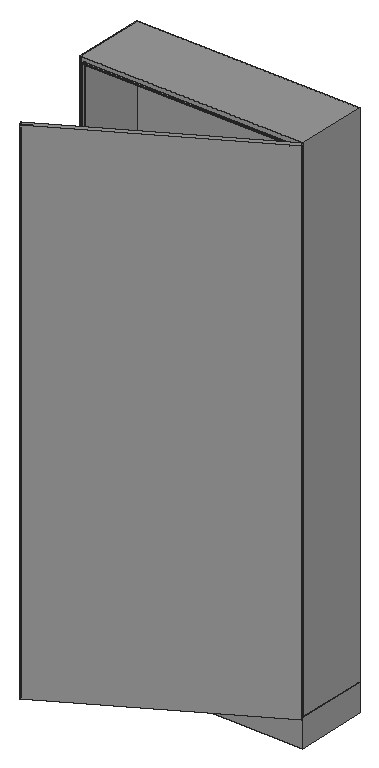
Revit family "Hager-Univers-IP55-D275-H1950-Cl.II-Steel_encl-NoHosted-BE-en", category Equipement électrique, Revit 2020
Family settings
  Configuration du panneau = Deux colonnes, circuits au sein
  Cote de connecteur circulaire = Utiliser le diamètre
  Type d'élément = Tableau de raccordement
  Basée sur le plan de construction = Oui
  Toujours verticalement = Oui
  Couper avec des vides une fois chargée = Non
  Partagée = Non
  Point de calcul de pièce = Non
Parameters (values of type "Floor installation IP55 W800 H1950 D275  - FR23S1")
  Width Control [instance] = if([EF000008 - Width] > Min Width, [EF000008 - Width], Min Width)  # 800 mm
  Commentaires du type = [HG000003 - Range]  # "Univers"
  Thickness Door [instance] = if([EF009171 - Material plate thickness door/cover] > 3 mm, 3 mm, [EF009171 - Material plate thickness door/cover])  # 1.5 mm
  Seal Frame Offset [instance] = 17 mm  # constant formula
  Plinth Visibility [instance] = [HG000027 - Plinth height] > 0 mm  # yes
  Min Width [instance] = 100 mm  # constant formula
  Min Depth [instance] = (2 * [EF009170 - Material plate thickness cabinet]) + 1 mm  # 4 mm
  Min Height [instance] = 100 mm  # constant formula
  Internal Frame Depth [instance] = (Door System Depth * 0.5)  # 9 mm
  Panel Name [instance] = ""  # (empty or 0)
  Model = ""
  HG000027 - Plinth height = 100 mm
  HG000026 - Floor standing = yes
  HG000024 - Bottom section height = 600 mm
  HG000023 - Double section enclosure = no
  HG000016 - Door 3d visibility [instance] = yes
  HG000015 - Clearance visibility [instance] = no
  HG000014 - Door on the right [instance] = yes
  HG000013 - Door on the left [instance] = not([HG000014 - Door on the right])  # no
  HG000012 - Door swing angle [instance] = 30.00°
  HG000010 - Asymmetric doors = no
  HG000009 - Double swing door = no
  HG000006 - Flush mounted = no
  HG000004 - Manufacturer reference = "FR23S1"
  HG000003 - Range = "Univers"
  HG000002 - With door or cover = yes
  Frame Offset Bottom [instance] = 10 mm  # constant formula
  Frame Offset [instance] = 15 mm  # constant formula
  EF015940 - Cover with overpressure release = no
  EF011959 - Degree of protection (NEMA) = ""
  EF009554 - Number of openings for flange plates = 6
  EF009212 - Cover model = "EV000116 - Closed"
  EF009171 - Material plate thickness door/cover = 1.5 mm
  EF009170 - Material plate thickness cabinet = 1.5 mm
  EF008873 - Nominal current (In) = 800 A
  EF007800 - Suitable for lightning protection = no
  EF006306 - With lock = no
  EF006244 - Transparent cover/door = no
  EF005474 - Degree of protection (IP) = "EV006420 - IP55"
  EF004464 - Type of door = "EV002646 - Single"
  EF004427 - Number of modules = 432
  EF004293 - Impact strength = "EV008784 - IK10"
  EF003532 - Suitable for outdoor use = no
  EF002950 - Width in number of modular spacings = 24
  EF001613 - Circuit integrity = "EV000494 - None"
  EF001596 - Material housing = "EV000179 - Steel"
  EF001131 - Internal depth = 275 mm
  EF001088 - Extension possible = yes
  EF000437 - Number of conduit inlets = 6
  EF000339 - Type of cover = "EV004216 - Door"
  EF000266 - Number of rows = 12
  EF000218 - Built-in depth = 0 mm
  EF000118 - With mounting plate = no
  EF000116 - RAL-number = "7035"
  EF000049 - Depth = 275 mm
  EF000040 - Height = 1950 mm
  EF000008 - Width = 800 mm
  EF000007 - Colour = "EV000270 - Grey"
  EF000003 - Mounting method = "EV012274 - Floor installation"
  Door System Leaf Tolerance [instance] = 1.5 mm  # constant formula
  Door System Depth [instance] = 18 mm  # constant formula
  Door Height [instance] = Height Control - [HG000027 - Plinth height]  # 1850 mm
  Description = ""
  Default Elevation = 1219.2 mm
  Connector Offset [instance] = Height Control / 2  # 975 mm
  Fabricant = "Hager"  # constant formula
  Height Control [instance] = if([EF000040 - Height] > Min Height, [EF000040 - Height], Min Height)  # 1950 mm
  Depth Control [instance] = if([EF000049 - Depth] > Min Depth, [EF000049 - Depth], Min Depth)  # 275 mm
  Bottom Top Plate Trim [instance] = 1.5 mm  # constant formula
  Plinth height Ctrl [instance] = if([HG000027 - Plinth height] > 0 mm, [HG000027 - Plinth height], 12 mm)  # 100 mm
Types (11, lengths in mm): name | Width Control | HG000010 - Asymmetric doors | HG000009 - Double swing door | HG000004 - Manufacturer reference | EF009554 - Number of openings for flange plates | EF006244 - Transparent cover/door | EF004464 - Type of door | EF004427 - Number of modules | EF000437 - Number of conduit inlets | EF000008 - Width
  Floor installation IP55 W1050 H1950 D275  - FR24L1 | 1050 | yes | yes | "FR24L1" | 8 | yes | "EV003602 - Double" | 576 | 8 | 1050
  Floor installation IP55 W1050 H1950 D275  - FR24S1 | 1050 | yes | yes | "FR24S1" | 8 | no | "EV003602 - Double" | 576 | 8 | 1050
  Floor installation IP55 W1300 H1950 D275  - FR25L1 | 1300 | yes | yes | "FR25L1" | 10 | yes | "EV003602 - Double" | 720 | 10 | 1300
  Floor installation IP55 W1300 H1950 D275  - FR25S1 | 1300 | yes | yes | "FR25S1" | 10 | no | "EV003602 - Double" | 720 | 10 | 1300
  Floor installation IP55 W1550 H1950 D275  - FR26L1 | 1550 | yes | yes | "FR26L1" | 12 | yes | "EV003602 - Double" | 864 | 12 | 1550
  Floor installation IP55 W1550 H1950 D275  - FR26S1 | 1550 | yes | yes | "FR26S1" | 12 | no | "EV003602 - Double" | 864 | 12 | 1550
  Floor installation IP55 W300 H1950 D275  - FR21S1 | 300 | no | no | "FR21S1" | 2 | no | "EV002646 - Single" | 144 | 2 | 300
  Floor installation IP55 W550 H1950 D275  - FR22L1 | 550 | no | no | "FR22L1" | 4 | yes | "EV002646 - Single" | 288 | 4 | 550
  Floor installation IP55 W550 H1950 D275  - FR22S1 | 550 | no | no | "FR22S1" | 4 | no | "EV002646 - Single" | 288 | 4 | 550
  Floor installation IP55 W800 H1950 D275  - FR23L1 | 800 | no | no | "FR23L1" | 6 | yes | "EV002646 - Single" | 432 | 6 | 800
  Floor installation IP55 W800 H1950 D275  - FR23S1 | 800 | no | no | "FR23S1" | 6 | no | "EV002646 - Single" | 432 | 6 | 800
Reference planes
  plane 1 "Center (Front/Back)": y = 0
  plane 2: z = 0
  plane 3 "Center (Left/Right)": x = 0
  plane 4: y = 0
  plane 5: y = 0
  plane 6: z = 0
  plane 7: x = -400
  plane 8: x = 400
  plane 9: x = 398.5
  plane 10: x = -398.5
  plane 11: z = 100
  plane 12: z = 101.5
  plane 13: y = -275
  plane 14: y = -1.5
  plane 15: x = 0
  plane 16: y = -257
  plane 17: y = -273.5
  plane 18: y = -255.5
  plane 19: x = -383.5
  plane 20: x = 383.5
  plane 21: z = 111.5
  plane 22: x = -383
  plane 23: x = 383
  plane 24: z = 100
  plane 25: z = 1950
  plane 26: z = 1950
  plane 27: z = 1933.5
  plane 28: z = 1948.5
Forms (mm)
  Extrusion 1, solid, material "Hager_Steel_RAL7035_Light_Grey", detail levels medium+fine
    sketch origin (-208.679, -4572, 100) x (-1, 0, 0) y (0, -1, 0)
      loop
        line (191.321, -4315) -> (-608.679, -4315) -> (-608.679, -4572) -> (191.321, -4572) -> (191.321, -4315)
    from 0 to 1850
  Extrusion 2, void
    sketch origin (-350.771, -275, 1219.2) x (1, 0, 0) y (0, 0, 1)
      loop
        line (-47.729, 729.3) -> (-47.729, -1117.7) -> (749.271, -1117.7) -> (749.271, 729.3) -> (-47.729, 729.3)
    from -19.5 to -273.5
  Extrusion 3, void
    sketch origin (-290.084, -257, 1219.2) x (1, 0, 0) y (0, 0, 1)
      loop
        line (-93.416, -1107.7) -> (673.584, -1107.7) -> (673.584, 714.3) -> (-93.416, 714.3) -> (-93.416, -1107.7)
    from 0 to -1.5
  Extrusion 4, solid, material "Hager_Steel_RAL7035_Light_Grey", visible <- "Plinth Visibility", detail levels medium+fine
    sketch origin (0, 0, 0) x (1, 0, 0) y (0, 1, 0)
      loop
        line (-400, 0) -> (-400, -257) -> (400, -257) -> (400, 0) -> (-400, 0)
    from 0 to 100 <- "Plinth height Ctrl"
  Extrusion 5, solid, material "Hager_Steel_RAL7035_Light_Grey", detail levels coarse
    sketch origin (0, 0, 0) x (1, 0, 0) y (0, 1, 0)
      loop
        line (-400, 0) -> (-400, -275) -> (400, -275) -> (400, 0) -> (-400, 0)
    from 0 to 1950 <- "Height Control"
  Sweep 6, void
    path in 3D
      loop
        line (-400, -257, 100) -> (400, -257, 100) -> (400, 0, 100) -> (-400, 0, 100) -> (-400, -257, 100)
    profile origin (-400, -128.5, 100) x (1, 0, 0) y (0, 0, 1)
      loop
        line (0, 0) -> (0, -1.5) -> (1.5, -1.5)
        arc (1.5, -1.5) -> (1.061, -0.439) -> (0, 0) r 1.5
  Extrusion 7, solid, material "Hager_Steel_RAL7035_Light_Grey", detail levels fine
    sketch origin (-400, -257, 100) x (1, 0, 0) y (0, 0, 1)
      loop
        line (16.5, 11.5) -> (783.5, 11.5) -> (783.5, 1833.5) -> (16.5, 1833.5) -> (16.5, 11.5)
      loop
        line (15, 10) -> (785, 10) -> (785, 1835) -> (15, 1835) -> (15, 10)
    from 0 to 9 <- "Internal Frame Depth"
Cuts and joins
  Extrusion 2, Extrusion 3 cuts Extrusion 1
  Sweep 6 cuts Extrusion 4
Lines and regions (mm)
  Masking region 1
    outline origin (0, 0, 0) x (1, 0, 0) y (0, 1, 0)
      loop
        line (-400, 0) -> (-400, -275) -> (400, -275) -> (400, 0) -> (-400, 0)
  Masking region 2, detail levels coarse
    outline origin (-290.084, -257, 1219.2) x (-1, 0, 0) y (0, 0, 1)
      loop
        line (-690.084, -1219.2) -> (109.916, -1219.2) -> (109.916, 730.8) -> (-690.084, 730.8) -> (-690.084, -1219.2)
  Masking region 3, detail levels coarse
    outline origin (0, 0, 0) x (0, 1, 0) y (0, 0, 1)
      loop
        line (0, 0) -> (0, 1950) -> (-275, 1950) -> (-275, 0) -> (0, 0)
  Masking region 4, visible <- "Plinth Visibility", detail levels medium+fine
    outline origin (0, 0, 0) x (0, 1, 0) y (0, 0, 1)
      loop
        line (-1.5, 100) -> (-255.5, 100)
        arc (-255.5, 100) -> (-255.939, 98.939) -> (-257, 98.5) r 1.5
        line (-257, 98.5) -> (-257, 0) -> (0, 0) -> (0, 98.5)
        arc (0, 98.5) -> (-1.061, 98.939) -> (-1.5, 100) r 1.5
  Masking region 5, detail levels medium+fine
    outline origin (0, 0, 594.038) x (0, 1, 0) y (0, 0, 1)
      loop
        line (0, -494.038) -> (0, 1355.962) -> (-257, 1355.962) -> (-257, -494.038) -> (0, -494.038)
  Masking region 6, detail levels medium+fine
    outline origin (-359.7, -257, 1211.883) x (-1, 0, 0) y (0, 0, 1)
      loop
        line (-759.7, -1111.883) -> (40.3, -1111.883) -> (40.3, 738.117) -> (-759.7, 738.117) -> (-759.7, -1111.883)
  Masking region 7, visible <- "Plinth Visibility", detail levels medium+fine
    outline origin (-320.334, -257, 1041.368) x (-1, 0, 0) y (0, 0, 1)
      loop
        line (-720.334, -1041.368) -> (79.666, -1041.368) -> (79.666, -942.868)
        arc (79.666, -942.868) -> (78.606, -942.429) -> (78.166, -941.368) r 1.5
        line (78.166, -941.368) -> (-718.834, -941.368)
        arc (-718.834, -941.368) -> (-719.273, -942.429) -> (-720.334, -942.868) r 1.5
        line (-720.334, -942.868) -> (-720.334, -1041.368)
  sketch lines
    curve 1: line (-400, 0, 100) -> (-400, -257, 100)
    curve 2: line (-400, -257, 100) -> (400, -257, 100)
    curve 3: line (400, 0, 100) -> (-400, 0, 100)
    curve 4: line (400, -257, 100) -> (400, 0, 100)
Dimensions and locks
  locked: plane 1 "Center (Front/Back)" to plane 5
  "EF009170 - Material plate thickness cabinet": plane 7 to plane 10
  "EF009170 - Material plate thickness cabinet": plane 8 to plane 9
  equal spacing: plane 7, plane 3 "Center (Left/Right)", plane 8
  "Width Control": plane 7 to plane 8
  "Depth Control": plane 4 to plane 13
  "EF009170 - Material plate thickness cabinet": plane 4 to plane 14
  "Height Control": plane 25 to level
  "HG000027 - Plinth height": plane 11 to level
  "EF009170 - Material plate thickness cabinet": plane 12 to plane 11
  "EF009170 - Material plate thickness cabinet": plane 17 to plane 13
  "EF009170 - Material plate thickness cabinet": plane 18 to plane 16
  "Frame Offset Bottom": plane 21 to plane 12
  "Frame Offset": plane 10 to plane 19
  "Frame Offset": plane 9 to plane 20
  "Door System Depth": plane 16 to plane 13
  "Seal Frame Offset": plane 7 to plane 22
  "Seal Frame Offset": plane 8 to plane 23
  "EF009170 - Material plate thickness cabinet": plane 26 to plane 28
  "Frame Offset": plane 28 to plane 27
  "Connector Offset": plane 2 to connector elem
  "Bottom Top Plate Trim": profile plane to Sweep 6 sketch curve
  "Bottom Top Plate Trim": Sweep 6 sketch curve to Sweep 6 sketch curve
  "Plinth height Ctrl": Masking region 4 sketch curve to level
  "Plinth height Ctrl": Masking region 7 sketch curve to level
  "Thickness Door": Extrusion 7 sketch curve to Extrusion 7 sketch curve  (x4)
  "Bottom Top Plate Trim": radius of Sweep 6 sketch curve
  "Bottom Top Plate Trim": radius of Masking region 4 sketch curve  (x2)
  "Bottom Top Plate Trim": radius of Masking region 7 sketch curve  (x2)
  aligned and locked: Extrusion 2 sketch curve to plane 12
  aligned and locked: Extrusion 2 sketch curve to plane 9
  aligned and locked: Extrusion 2 sketch curve to plane 10
  aligned and locked: Extrusion 2 to plane 14
  aligned and locked: Extrusion 1 sketch curve to plane 4
  aligned and locked: plane 8 to Extrusion 1 sketch curve
  aligned and locked: plane 7 to Extrusion 1 sketch curve
  aligned and locked: Extrusion 2 to plane 18
  aligned and locked: Extrusion 3 sketch curve to plane 19
  aligned and locked: plane 20 to Extrusion 3 sketch curve
  aligned and locked: Extrusion 3 to Extrusion 2
  aligned and locked: Extrusion 3 sketch curve to plane 21
  aligned and locked: plane 3 "Center (Left/Right)" to nested 1
  aligned and locked: Extrusion 1 sketch curve to plane 16
  aligned and locked: Extrusion 4 sketch curve to cut or joined group of Extrusion 1, Extrusion 2, Extrusion 3
  aligned and locked: Masking region 1 sketch curve to plane 7
  aligned and locked: Masking region 1 sketch curve to plane 5
  aligned and locked: Masking region 1 sketch curve to plane 8
  aligned and locked: Masking region 2 sketch curve to level
  aligned and locked: level to Masking region 3 sketch curve
  aligned and locked: plane 1 "Center (Front/Back)" to Masking region 3 sketch curve
  aligned and locked: plane 13 to Masking region 3 sketch curve
  aligned and locked: plane 5 to Masking region 4 sketch curve
  aligned and locked: Masking region 2 sketch curve to plane 8
  aligned and locked: Masking region 2 sketch curve to plane 7
  aligned and locked: plane 7 to nested 2
  aligned and locked: nested 2 to plane 5
  aligned and locked: plane 5 to Masking region 5 sketch curve
  aligned and locked: plane 26 to Masking region 5 sketch curve
  aligned and locked: Extrusion 5 sketch curve to plane 8
  aligned and locked: Extrusion 5 sketch curve to plane 7
  aligned and locked: Extrusion 5 sketch curve to plane 5
  aligned and locked: Extrusion 3 sketch curve to plane 27
  aligned and locked: Extrusion 2 sketch curve to plane 28
  aligned and locked: Masking region 2 to plane 25
  aligned and locked: Extrusion 4 to plane 16
  aligned and locked: profile plane to Sweep 6 sketch curve
  aligned and locked: Masking region 5 sketch curve to plane 24
  aligned and locked: level to Masking region 4 sketch curve
  aligned and locked: Masking region 1 to plane 13
  aligned and locked: nested 1 to plane 16
  aligned and locked: Masking region 3 to plane 25
  aligned and locked: plane 16 to Masking region 4 sketch curve
  aligned and locked: Masking region 5 sketch curve to plane 16
  aligned and locked: plane 24 to plane 11
  aligned and locked: plane 26 to plane 25
  aligned and locked: plane 26 to cut or joined group of Extrusion 1, Extrusion 2, Extrusion 3
  aligned and locked: nested 1 to plane 24
  aligned and locked: Extrusion 1 to Extrusion 3
  aligned and locked: Masking region 6 sketch curve to plane 8
  aligned and locked: Masking region 6 sketch curve to plane 24
  aligned and locked: Masking region 6 sketch curve to plane 7
  aligned and locked: Masking region 6 sketch curve to plane 26
  aligned and locked: Masking region 7 sketch curve to plane 7
  aligned and locked: level to Masking region 7 sketch curve
  aligned and locked: Masking region 7 sketch curve to plane 8
  aligned and locked: Extrusion 7 sketch curve to cut or joined group of Extrusion 1, Extrusion 2, Extrusion 3  (x4)
Automatic sketch dimensions
  plane 19 to Extrusion 3 sketch curve = 0 mm
  Extrusion 3 sketch curve to plane 20 = 0 mm
  Extrusion 3 sketch curve to plane 21 = 0 mm
  Extrusion 4 sketch curve to plane 7 = 0 mm
  Extrusion 4 sketch curve to plane 8 = 0 mm
  Extrusion 4 sketch curve to plane 16 = 0 mm
  Masking region 1 sketch curve to plane 13 = 0 mm
  Masking region 2 sketch curve to plane 25 = 0 mm
  Masking region 3 sketch curve to plane 25 = 0 mm
  Extrusion 5 sketch curve to plane 13 = 0 mm
  profile plane to Sweep 6 sketch curve = 0 mm
Nested families
  nested 1: "EC000058_Univers_Door" at (0, -257, 100), Double <- "HG000009 - Double swing door", Transparent <- "EF006244 - Transparent cover/door", Angle <- "HG000012 - Door swing angle", Door_Right <- "HG000014 - Door on the right", Assymetrical <- "HG000010 - Asymmetric doors", Door <- "HG000002 - With door or cover", Width_Ctrl <- "Width Control", 3d_Door <- "HG000016 - Door 3d visibility", Clearance <- "HG000015 - Clearance visibility", Door_Left <- "HG000013 - Door on the left", Width <- "Width Control", Door_Depth <- "Door System Depth", Leaf_Tolerance <- "Door System Leaf Tolerance", Height <- "Door Height", Lock_Visibility <- "EF006306 - With lock", Thickness <- "Thickness Door", type "EC000058_Univers_Door", detail levels medium+fine
    with min_wh 4 mm, Width_Ctrl 800 mm, Width 800 mm, Transparent no, Thickness 1.5 mm, Seal_Material Hager_Rubber, Lock_Visibility no, Lock_Material Hager_Plastic_RAL9005_Jet_Black, Leaf_Width 800 mm, Leaf_Tolerance_External_Sides 0 mm, Leaf_Tolerance 1.5 mm, Leaf_Offset 0 mm, Leaf_Height 1847 mm, Leaf_2_Width 800 mm, Leaf_2_Offset 400 mm, Leaf_1_Width 800 mm, Leaf_1_Offset 400 mm, Height_Ctrl 1850 mm, Height 1850 mm, Glass_Material Hager_Glass, Double_Clearance_Ctrl no, Double no, Door_Right_Ctrl yes, Door_Right yes, Door_Material Hager_Steel_RAL7035_Light_Grey, Door_Left_Ctrl no, Door_Left no, Door_Depth 18 mm, Door yes, Clearance_Material Hager_Clearance, Clearance_Depth 800 mm, Clearance_Ctrl no, Clearance no, Assymetrical no, Angle 30.00°, 3d_Door yes
  nested 2: "Hager_Enclosure_Symbol" at (-400, 0, 0), Height <- "Depth Control", Width <- "Width Control", type "Hager_Enclosure_Symbol"
    with Width_Ctrl 800 mm, Width 800 mm, Height_Ctrl 275 mm, Height 275 mm, A_Width_Int 18.047 mm, A_Width 216.562 mm, A_Height_Ctrl 240.625 mm, A_Height 240.625 mm
Connectors
  electrical at (0, 0, 975)
    settings: on plane 1 "Center (Front/Back)", index 1, voltage 0 V, apparent load 0 VA, apparent load phase1 0 VA, apparent load phase2 0 VA, apparent load phase3 0 VA, power factor 1, load classification "Other", number of poles 1, system type 30, power factor state 1, is connector primary yes, connector utility no, sub classification motor no, connector description ""
Definition of nested family "EC000058_Univers_Door"
  Parameters (values of type "EC000058_Univers_Door")
    min_wh [instance] = (2 * Thickness) + 1 mm  # 11 mm
    Width_Ctrl [instance] = 400 mm
    Width [instance] = 500 mm
    Transparent [instance] = yes
    Thickness [instance] = 5 mm
    Seal_Material [instance] = none
    Lock_Visibility [instance] = yes
    Lock_Material [instance] = none
    Leaf_Width [instance] = if((Width_Ctrl - 2 * Leaf_Tolerance_External_Sides) > 0 mm, (Width_Ctrl - 2 * Leaf_Tolerance_External_Sides), min_wh)  # 400 mm
    Leaf_Tolerance_External_Sides [instance] = 0 mm  # constant formula
    Leaf_Tolerance [instance] = 1.5 mm
    Leaf_Offset [instance] = 0 mm  # constant formula
    Leaf_Height [instance] = if((Height_Ctrl - 2 * Leaf_Tolerance) > 0 mm, (Height_Ctrl - 2 * Leaf_Tolerance), min_wh)  # 497 mm
    Leaf_2_Width [instance] = if(and(and(Double, Assymetrical), Door_Left), (Leaf_Width / 3) - (Leaf_Tolerance / 2), if(and(and(Double, Assymetrical), Door_Right), (Leaf_Width / 3) * 2 - (Leaf_Tolerance / 2), if(and(Double, not(Assymetrical)), (Leaf_Width / 2) - Leaf_Tolerance, Leaf_Width)))  # 400 mm
    Leaf_2_Offset [instance] = if(and(Double, Assymetrical), Leaf_2_Width / 2, if(and(Double, not(Assymetrical)), Leaf_Width / 4, Leaf_Width / 2))  # 200 mm
    Leaf_1_Width [instance] = if(and(and(Double, Assymetrical), Door_Right), (Leaf_Width / 3) - (Leaf_Tolerance / 2), if(and(and(Double, Assymetrical), Door_Left), (Width / 3) * 2 - (Leaf_Tolerance / 2), if(and(Double, not(Assymetrical)), (Leaf_Width / 2) - Leaf_Tolerance, Leaf_Width)))  # 400 mm
    Leaf_1_Offset [instance] = if(and(Double, Assymetrical), Leaf_1_Width / 2, if(and(Double, not(Assymetrical)), Leaf_Width / 4, Leaf_Width / 2))  # 200 mm
    Height_Ctrl [instance] = if(Height > min_wh, Height, min_wh)  # 500 mm
    Height [instance] = 500 mm
    Glass_Material [instance] = none
    Double_Clearance_Ctrl [instance] = and(Double, Clearance)  # no
    Double [instance] = no
    Door_Right_Ctrl [instance] = and(or(Door_Right, Double), Door)  # yes
    Door_Right [instance] = yes
    Door_Material [instance] = none
    Door_Left_Ctrl [instance] = and(or(Door_Left, Double), Door)  # no
    Door_Left [instance] = no
    Door_Depth [instance] = 30 mm
    Door [instance] = yes
    Default Elevation = 1219.2 mm
    Clearance_Material [instance] = none
    Clearance_Depth [instance] = if(Leaf_1_Width > Leaf_2_Width, Leaf_1_Width, Leaf_2_Width)  # 400 mm
    Clearance_Ctrl [instance] = and(not(Double), Clearance)  # yes
    Clearance [instance] = yes
    Assymetrical [instance] = yes
    Angle [instance] = 30.00°
    3d_Door [instance] = yes
  Reference planes
    plane 1 "Center (Front/Back)": y = 0
    plane 2 "Bottom": z = 0
    plane 3 "Center (Left/Right)": x = 0
    plane 4: z = 500
    plane 5: x = -200
    plane 6: x = 200
    plane 7: z = 500
    plane 8: x = -200
    plane 9: z = 0
    plane 10: x = 200
    plane 11: y = 0
    plane 12: z = 1.5
    plane 13: x = -600
    plane 14: y = -400
    plane 15: x = 600
    plane 16: x = 0
    plane 17: x = 0
    plane 18: x = -200
    plane 19: x = 200
    plane 20: z = 498.5
  Forms (mm)
    Extrusion 1, solid, material <- "Clearance_Material", visible <- "Double_Clearance_Ctrl"
      sketch origin (1200, 0, 0) x (1, 0, 0) y (0, 0, -1)
        loop
          line (-1800, -498.5) -> (-600, -498.5) -> (-600, 0) -> (-1800, 0) -> (-1800, -498.5)
      from 0 to -400
  Dimensions and locks
    equal spacing: plane 5, plane 3 "Center (Left/Right)", plane 6
    "Width_Ctrl": plane 5 to plane 6
    "Leaf_Offset": plane 5 to plane 8
    "Leaf_Offset": plane 6 to plane 10
    "Leaf_Offset": plane 9 to level
    "Leaf_Offset": plane 4 to plane 7
    "Height_Ctrl": plane 4 to level
    "Leaf_Tolerance": plane 12 to plane 9
    locked: plane 11 to plane 1 "Center (Front/Back)"
    "Leaf_1_Offset": plane 18 to plane 16
    "Leaf_2_Offset": plane 17 to plane 19
    "Leaf_1_Width": plane 13 to plane 8
    "Leaf_2_Width": plane 10 to plane 15
    "Clearance_Depth": plane 14 to plane 1 "Center (Front/Back)"
    "Leaf_Tolerance_External_Sides": plane 8 to plane 18
    "Leaf_Tolerance_External_Sides": plane 19 to plane 10
    "Leaf_Tolerance": plane 7 to plane 20
    aligned and locked: level to plane 2 "Bottom"
    aligned and locked: nested 1 to plane 16
    aligned and locked: nested 2 to plane 17
    aligned and locked: Extrusion 1 to plane 13
    aligned and locked: plane 15 to Extrusion 1
    aligned and locked: Extrusion 1 to plane 14
    aligned and locked: plane 12 to nested 1
    aligned and locked: nested 2 to plane 12
    aligned and locked: Extrusion 1 to plane 11
    aligned and locked: plane 20 to Extrusion 1
    aligned and locked: nested 2 to plane 11
    aligned and locked: nested 1 to plane 11
  Automatic sketch dimensions
    Extrusion 1 sketch curve to level = 0 mm
    plane 5 to Extrusion 1 sketch curve = 400 mm
    plane 6 to Extrusion 1 sketch curve = 400 mm
    Extrusion 1 sketch curve to plane 4 = 1.5 mm
  Nested families
    nested 1: "EC000058_Univers_Door_Leaf" at (0, 0, 1.5), Width <- "Leaf_1_Width", visible <- "Door_Left_Ctrl", Leaf_Height <- "Leaf_Height", Angle <- "Angle", 3d_Door <- "3d_Door", Transparent <- "Transparent", Clearance Material <- "Clearance_Material", Clearance <- "Clearance_Ctrl", Door_Material <- "Door_Material", Glass_Material <- "Glass_Material", Door_Depth <- "Door_Depth", Lock_Material <- "Lock_Material", Seal_Material <- "Seal_Material", Lock_Visibility <- "Lock_Visibility", Thickness <- "Thickness", type "EC000058_Univers_Door_Leaf"
      with Width 400 mm, Transparent_Glass_Offset 30 mm, Transparent_Ctrl yes, Transparent yes, Thickness 5 mm, Standard no, Seal_Material none, Seal_D2 8 mm, Seal_D1 1 mm, Offset_Internal_Frame 10 mm, Lock_Width 20 mm, Lock_Visibility_3d yes, Lock_Visibility yes, Lock_Thickness_3 3 mm, Lock_Thickness_2 1 mm, Lock_Thickness_1 3 mm, Lock_Radius_Offset_2 16 mm, Lock_Radius_Offset_1 15 mm, Lock_Radius_2 5 mm, Lock_Radius 6 mm, Lock_Offset 5 mm, Lock_Material none, Lock_Height 80 mm, Lock_Cover_Top_Offset_2d 17 mm, Lock_Cover_Height -65 mm, Leaf_Height 497 mm, Internal_Seal_Thickness 8 mm, Internal_Seal_Depth_2 4.5 mm, Internal_Frame_Depth 25 mm, Glass_Thickness -1 mm, Glass_Offset -2 mm, Glass_Material none, Door_Material none, Door_Depth 30 mm, Clearance Material none, Clearance yes, Angle_Ctrl 30.00°, Angle 30.00°, 3d_Door yes
    nested 2: "EC000058_Univers_Door_Leaf" at (0, 0, 1.5) x (-1, 0, 0) z (0, 0, 1), Width <- "Leaf_2_Width", visible <- "Door_Right_Ctrl", Leaf_Height <- "Leaf_Height", Angle <- "Angle", 3d_Door <- "3d_Door", Transparent <- "Transparent", Clearance Material <- "Clearance_Material", Clearance <- "Clearance_Ctrl", Door_Material <- "Door_Material", Glass_Material <- "Glass_Material", Door_Depth <- "Door_Depth", Lock_Material <- "Lock_Material", Seal_Material <- "Seal_Material", Lock_Visibility <- "Lock_Visibility", Thickness <- "Thickness", type "EC000058_Univers_Door_Leaf"
      with Width 400 mm, Transparent_Glass_Offset 30 mm, Transparent_Ctrl yes, Transparent yes, Thickness 5 mm, Standard no, Seal_Material none, Seal_D2 8 mm, Seal_D1 1 mm, Offset_Internal_Frame 10 mm, Lock_Width 20 mm, Lock_Visibility_3d yes, Lock_Visibility yes, Lock_Thickness_3 3 mm, Lock_Thickness_2 1 mm, Lock_Thickness_1 3 mm, Lock_Radius_Offset_2 16 mm, Lock_Radius_Offset_1 15 mm, Lock_Radius_2 5 mm, Lock_Radius 6 mm, Lock_Offset 5 mm, Lock_Material none, Lock_Height 80 mm, Lock_Cover_Top_Offset_2d 17 mm, Lock_Cover_Height -65 mm, Leaf_Height 497 mm, Internal_Seal_Thickness 8 mm, Internal_Seal_Depth_2 4.5 mm, Internal_Frame_Depth 25 mm, Glass_Thickness -1 mm, Glass_Offset -2 mm, Glass_Material none, Door_Material none, Door_Depth 30 mm, Clearance Material none, Clearance yes, Angle_Ctrl 30.00°, Angle 30.00°, 3d_Door yes
  Definition of nested family "EC000058_Univers_Door_Leaf"
    Parameters (values of type "EC000058_Univers_Door_Leaf")
      Width [instance] = 2000 mm
      Transparent_Glass_Offset [instance] = 30 mm
      Transparent_Ctrl [instance] = and(Transparent, [3d_Door])  # yes
      Transparent [instance] = yes
      Thickness [instance] = 5 mm
      Standard [instance] = and(not(Transparent), [3d_Door])  # no
      Seal_Material [instance] = none
      Seal_D2 [instance] = 8 mm  # constant formula
      Seal_D1 [instance] = 1 mm  # constant formula
      Offset_Internal_Frame [instance] = 10 mm  # constant formula
      Lock_Width [instance] = 20 mm  # constant formula
      Lock_Visibility_3d [instance] = and(Lock_Visibility, [3d_Door])  # yes
      Lock_Visibility [instance] = yes
      Lock_Thickness_3 [instance] = 3 mm  # constant formula
      Lock_Thickness_2 [instance] = 1 mm  # constant formula
      Lock_Thickness_1 [instance] = 3 mm  # constant formula
      Lock_Radius_Offset_2 [instance] = Lock_Radius_Offset_1 + 1 mm  # 16 mm
      Lock_Radius_Offset_1 [instance] = 15 mm  # constant formula
      Lock_Radius_2 [instance] = Lock_Radius - 1 mm  # 5 mm
      Lock_Radius [instance] = 6 mm  # constant formula
      Lock_Offset [instance] = 5 mm  # constant formula
      Lock_Material [instance] = none
      Lock_Height [instance] = 80 mm  # constant formula
      Lock_Cover_Top_Offset_2d [instance] = Lock_Radius_Offset_2 + 1 mm  # 17 mm
      Lock_Cover_Height [instance] = -(Lock_Height - Lock_Radius_Offset_1)  # -65 mm
      Leaf_Height [instance] = 2720.336 mm
      Internal_Seal_Thickness [instance] = 8 mm  # constant formula
      Internal_Seal_Depth_2 [instance] = 4.5 mm  # constant formula
      Internal_Frame_Depth [instance] = if(Door_Depth - Thickness > 5 mm, Door_Depth - Thickness, 5 mm)  # 25 mm
      Glass_Thickness [instance] = if(Thickness > 15 mm, Glass_Offset + 10 mm, -1 mm)  # -1 mm
      Glass_Offset [instance] = if(Thickness > 15 mm, -(Thickness + 10 mm) / 2, -2 mm)  # -2 mm
      Glass_Material [instance] = none
      Door_Material [instance] = none
      Door_Depth [instance] = 30 mm
      Default Elevation = 0 mm
      Clearance Material [instance] = none
      Clearance [instance] = yes
      Angle_Ctrl [instance] = if(Angle > 180.00°, 180.00°, Angle)  # 90.00°
      Angle [instance] = 90.00°
      3d_Door [instance] = yes
    Reference planes
      plane 1 "Center (Front/Back)": y = 0
      plane 2: z = 0
      plane 3 "Center (Left/Right)": x = 0
      plane 4: y = 2000
      plane 5: x = -1000
      plane 6: x = 1000
      plane 7: x = -3000
      plane 8: z = 2720.336
      plane 9: z = 30
      plane 10: z = 2690.336
      plane 11: x = 970
      plane 12: x = -970
      plane 13: y = -3
      plane 14: z = 107.833
      plane 15: y = -5
      plane 16: y = -223.314
      plane 17: x = -1000
      plane 18: z = 1360.168
      plane 19: y = 30
    Forms (mm)
      Extrusion 1, solid, material <- "Clearance Material", visible <- "Clearance"
        sketch origin (0, 0, 0) x (1, 0, 0) y (0, 0, 1)
          loop
            line (-3000, 2720.336) -> (-3000, 0) -> (1000, 0) -> (1000, 2720.336) -> (-3000, 2720.336)
        from 0 to -2000
      Extrusion 2, solid, material <- "Door_Material", visible <- "Standard", detail levels medium+fine
        sketch origin (-1000, 0, 0) x (0, 1, 0) y (-1, 0, 0)
          loop
            line (0, 30) -> (0, 25) -> (2000, 25) -> (2000, 30) -> (0, 30)
        from 0 to 2720.336 <- "Leaf_Height"
      Extrusion 3, solid, material <- "Door_Material", visible <- "Transparent_Ctrl", detail levels medium+fine
        sketch origin (-1000, 0, 0) x (0, 1, 0) y (-1, 0, 0)
          loop
            line (0, 25) -> (2000, 25) -> (2000, 30) -> (0, 30) -> (0, 25)
        from 0 to 2720.336 <- "Leaf_Height"
      Extrusion 4, void
        sketch origin (-1025, 2000, 0) x (0, 1, 0) y (0, 0, -1)
          loop
            line (-30, -2690.336) -> (-30, -30) -> (-1970, -30) -> (-1970, -2690.336) -> (-30, -2690.336)
        from 0 to 5 <- "Thickness"
      Sweep 5, solid, material <- "Seal_Material", visible <- "Transparent_Ctrl", detail levels fine
        path in 3D
          loop
            line (-1025, 30, 30) -> (-1025, 30, 2690.336) -> (-1025, 1970, 2690.336) -> (-1025, 1970, 30) -> (-1025, 30, 30)
        profile origin (-1025, 1000, 30) x (1, 0, 0) y (0, 0, 1)
          loop
            line (0, 0) -> (0, -8) -> (1, -8) -> (1, 0) -> (0, 0)
      Extrusion 6, solid, material <- "Glass_Material", visible <- "Transparent_Ctrl", detail levels medium+fine
        sketch origin (-1030, 0, 0) x (0, 1, 0) y (0, 0, -1)
          loop
            line (1970, -2690.336) -> (1970, -30) -> (30, -30) -> (30, -2690.336) -> (1970, -2690.336)
        from -2 <- "Glass_Offset" to -1 <- "Glass_Thickness"
      Extrusion 7, solid, material <- "Door_Material", visible <- "3d_Door", detail levels medium+fine
        sketch origin (-1025, 2000, 0) x (0, -1, 0) y (0, 0, -1)
          loop
            line (0, -2720.336) -> (2000, -2720.336) -> (2000, 0) -> (0, 0) -> (0, -2720.336)
          loop
            line (1995, -5) -> (5, -5) -> (5, -2715.336) -> (1995, -2715.336) -> (1995, -5)
        from 0 to 25 <- "Internal_Frame_Depth"
      Sweep 8, solid, material <- "Seal_Material", visible <- "Transparent_Ctrl", detail levels fine
        path in 3D
          loop
            line (-1025, 0, 0) -> (-1025, 2000, 0) -> (-1025, 2000, 2720.336) -> (-1025, 0, 2720.336) -> (-1025, 0, 0)
        profile origin (-1025, 0, 1360.168) x (1, 0, 0) y (0, 1, 0)
          loop
            line (0, 10) -> (2.975, 10)
            arc (2.975, 10) -> (4.053, 10.447) -> (4.5, 11.525) r 1.525
            line (4.5, 11.525) -> (4.5, 16.527)
            arc (4.5, 16.527) -> (4.069, 17.569) -> (3.027, 18) r 1.473
            line (3.027, 18) -> (0, 18) -> (0, 10)
      Extrusion 9, solid, material <- "Lock_Material", visible <- "Lock_Visibility_3d", detail levels fine
        sketch origin (-1030, 0, 0) x (0, 1, 0) y (0, 0, -1)
          loop
            arc (1993.5, -1400.168) -> (1994.561, -1399.729) -> (1995, -1398.668) r 1.5
            line (1995, -1398.668) -> (1995, -1320.168) -> (1975, -1320.168) -> (1975, -1398.668)
            arc (1975, -1398.668) -> (1975.439, -1399.729) -> (1976.5, -1400.168) r 1.5
            line (1976.5, -1400.168) -> (1993.5, -1400.168)
        from 3 <- "Lock_Thickness_1" to 0
      Blend 10, solid, material <- "Lock_Material", visible <- "Lock_Visibility_3d", detail levels fine
        base sketch origin (-1033, 0, 0) x (0, 1, 0) y (0, 0, -1)
          loop
            line (1975, -1320.168) -> (1975, -1398.668)
            arc (1975, -1398.668) -> (1975.439, -1399.729) -> (1976.5, -1400.168) r 1.5
            line (1976.5, -1400.168) -> (1993.5, -1400.168)
            arc (1993.5, -1400.168) -> (1994.561, -1399.729) -> (1995, -1398.668) r 1.5
            line (1995, -1398.668) -> (1995, -1320.168) -> (1975, -1320.168)
        top sketch origin (-1033, 0, 0) x (0, 1, 0) y (0, 0, -1)
          loop
            line (1976, -1320.168) -> (1976, -1398.668)
            arc (1976, -1398.668) -> (1976.146, -1399.022) -> (1976.5, -1399.168) r 0.5
            line (1976.5, -1399.168) -> (1993.5, -1399.168)
            arc (1993.5, -1399.168) -> (1993.854, -1399.022) -> (1994, -1398.668) r 0.5
            line (1994, -1398.668) -> (1994, -1320.168) -> (1976, -1320.168)
        from 0 to 1 <- "Lock_Thickness_2"
      Blend 11, solid, material <- "Lock_Material", visible <- "Lock_Visibility_3d", detail levels fine
        base sketch origin (-1034, 0, 0) x (0, 1, 0) y (0, 0, -1)
          loop
            line (1978, -1320.168) -> (1978, -1384.168)
            arc (1978, -1384.168) -> (1985, -1391.168) -> (1992, -1384.168) r 7
            line (1992, -1384.168) -> (1992, -1320.168) -> (1978, -1320.168)
        top sketch origin (-1034, 0, 0) x (0, 1, 0) y (0, 0, -1)
          loop
            line (1991, -1320.168) -> (1979, -1320.168) -> (1979, -1383.168)
            arc (1979, -1383.168) -> (1985, -1389.168) -> (1991, -1383.168) r 6
            line (1991, -1383.168) -> (1991, -1320.168)
        from 0 to 3 <- "Lock_Thickness_3"
      Extrusion 12, solid, material <- "Lock_Material", visible <- "Lock_Visibility_3d", detail levels fine
        sketch origin (-1030, 1975, 1320.168) x (1, 0, 0) y (0, -1, 0)
          loop
            line (-7, -19) -> (-7, -1) -> (0, -1) -> (0, 0) -> (-8, 0) -> (-8, -20) -> (0, -20) -> (0, -19) -> (-7, -19)
        from 0 to -65 <- "Lock_Cover_Height"
      Extrusion 13, void
        sketch origin (-1038, 1995, 1320.168) x (-1, 0, 0) y (0, 0, -1)
          loop
            line (-5, -65) -> (0, -65) -> (-5, -60) -> (-5, -65)
        from 0 to 20 <- "Lock_Width"
      Extrusion 14, void
        sketch origin (-1038, 1975, 1320.168) x (0, -1, 0) y (0, 0, -1)
          loop
            circle (-10, -15.995) r 6
          loop
            circle (-10, -15.995) r 5
        from 0 to 2
      Extrusion 15, solid, material <- "Lock_Material", visible <- "Lock_Visibility_3d", detail levels medium
        sketch origin (-1030, 0, 0) x (0, 1, 0) y (0, 0, -1)
          loop
            arc (1993.5, -1400.168) -> (1994.561, -1399.729) -> (1995, -1398.668) r 1.5
            line (1995, -1398.668) -> (1995, -1320.168) -> (1975, -1320.168) -> (1975, -1398.668)
            arc (1975, -1398.668) -> (1975.439, -1399.729) -> (1976.5, -1400.168) r 1.5
            line (1976.5, -1400.168) -> (1993.5, -1400.168)
        from 8 to 0
    Cuts and joins
      Extrusion 4 cuts Extrusion 3
      Extrusion 13, Extrusion 14 cuts Extrusion 9
      Extrusion 14 cuts Blend 11
      Extrusion 13, Extrusion 14 cuts Extrusion 12
      joined: Extrusion 9, Blend 10, Blend 11, Extrusion 12
      Extrusion 14 cuts Extrusion 15
    Lines and regions (mm)
      Masking region 1, visible <- "Lock_Visibility", detail levels fine
        outline origin (0, 0, 0) x (0, 1, 0) y (0, 0, 1)
          loop
            line (30, 1320.168) -> (33, 1320.168) -> (33, 1400.168) -> (30, 1400.168) -> (30, 1320.168)
      Masking region 2, visible <- "Lock_Visibility", detail levels fine
        outline origin (0, 3.143, 0) x (0, 1, 0) y (0, 0, 1)
          loop
            line (29.857, 1354.168) -> (30.857, 1354.168) -> (30.857, 1366.168) -> (29.857, 1366.168) -> (29.857, 1354.168)
      Masking region 3, detail levels medium+fine
        outline origin (0, 0, 0) x (0, 1, 0) y (0, 0, 1)
          loop
            line (0, 0) -> (30, 0) -> (30, 2720.336) -> (0, 2720.336) -> (0, 0)
      Masking region 4, detail levels medium+fine
        outline origin (0, 0, 0) x (1, 0, 0) y (0, 0, 1)
          loop
            line (-1000, 2720.336) -> (-1000, 0) -> (1000, 0) -> (1000, 2720.336) -> (-1000, 2720.336)
      Masking region 5, visible <- "Lock_Visibility", detail levels fine
        outline origin (-47.116, 0, 0) x (1, 0, 0) y (0, 0, 1)
          loop
            arc (1024.616, 1399.168) -> (1023.556, 1398.729) -> (1023.116, 1397.668) r 1.5
            line (1023.116, 1397.668) -> (1023.116, 1320.168) -> (1041.116, 1320.168) -> (1041.116, 1397.668)
            arc (1041.116, 1397.668) -> (1040.677, 1398.729) -> (1039.616, 1399.168) r 1.5
            line (1039.616, 1399.168) -> (1024.616, 1399.168)
      Masking region 6, visible <- "Lock_Visibility", detail levels medium+fine
        outline origin (-25, 0, 0) x (1, 0, 0) y (0, 0, 1)
          loop
            arc (1001.5, 1400.168) -> (1000.439, 1399.729) -> (1000, 1398.668) r 1.5
            line (1000, 1398.668) -> (1000, 1320.168) -> (1020, 1320.168) -> (1020, 1398.668)
            arc (1020, 1398.668) -> (1019.561, 1399.729) -> (1018.5, 1400.168) r 1.5
            line (1018.5, 1400.168) -> (1001.5, 1400.168)
      Masking region 7, visible <- "Lock_Visibility", detail levels fine
        outline origin (-73.735, 0, 0) x (1, 0, 0) y (0, 0, 1)
          loop
            line (1051.735, 1382.168) -> (1065.735, 1382.168) -> (1065.735, 1384.168)
            arc (1065.735, 1384.168) -> (1058.735, 1391.168) -> (1051.735, 1384.168) r 7
            line (1051.735, 1384.168) -> (1051.735, 1382.168)
      Masking region 8, visible <- "Lock_Visibility", detail levels fine
        outline origin (-73.735, 0, 0) x (1, 0, 0) y (0, 0, 1)
          loop
            line (1052.735, 1382.168) -> (1064.735, 1382.168) -> (1064.735, 1383.168)
            arc (1064.735, 1383.168) -> (1058.735, 1389.168) -> (1052.735, 1383.168) r 6
            line (1052.735, 1383.168) -> (1052.735, 1382.168)
      Masking region 9, visible <- "Lock_Visibility", detail levels fine
        outline origin (-25, 0, 0) x (1, 0, 0) y (0, 0, 1)
          loop
            line (1020, 1320.168) -> (1020, 1382.168) -> (1000, 1382.168) -> (1000, 1320.168) -> (1020, 1320.168)
      Masking region 10, detail levels medium+fine
        outline origin (0, 0, 0) x (1, 0, 0) y (0, 0, 1)
          loop
            circle (985, 1335.144) r 6
      Masking region 11, detail levels fine
        outline origin (0, 0, 0) x (1, 0, 0) y (0, 0, 1)
          loop
            circle (985, 1335.144) r 5
      Masking region 12, visible <- "Lock_Visibility", detail levels fine
        outline origin (0, 12.767, 0) x (0, 1, 0) y (0, 0, 1)
          loop
            line (20.233, 1320.168) -> (21.233, 1320.168) -> (21.233, 1399.168) -> (20.233, 1400.168) -> (20.233, 1320.168)
      Masking region 13, visible <- "Lock_Visibility", detail levels fine
        outline origin (0, 13.767, -10) x (0, 1, 0) y (0, 0, 1)
          loop
            line (20.233, 1330.168) -> (23.233, 1330.168) -> (23.233, 1399.168) -> (20.233, 1402.168) -> (20.233, 1330.168)
      Masking region 14, visible <- "Lock_Visibility", detail levels fine
        outline origin (0, 12.767, -10) x (0, 1, 0) y (0, 0, 1)
          loop
            line (20.233, 1330.168) -> (25.233, 1330.168) -> (25.233, 1399.305) -> (20.233, 1394.305) -> (20.233, 1330.168)
      Masking region 15, visible <- "Lock_Visibility", detail levels medium
        outline origin (0, 0, 0) x (0, 1, 0) y (0, 0, 1)
          loop
            line (30, 1320.168) -> (38, 1320.168) -> (38, 1400.168) -> (30, 1400.168) -> (30, 1320.168)
      Masking region 16, visible <- "Lock_Visibility", detail levels fine
        outline origin (-1000, 0, 0) x (0, 1, 0) y (-1, 0, 0)
          loop
            line (1975, 30) -> (1995, 30) -> (1995, 38) -> (1975, 38) -> (1975, 30)
          loop
            line (1979, 37) -> (1976, 37) -> (1976, 34) -> (1978, 34) -> (1979, 37)
          loop
            line (1994, 37) -> (1991, 37) -> (1992, 34) -> (1994, 34) -> (1994, 37)
      Masking region 17, visible <- "Lock_Visibility", detail levels medium
        outline origin (-1000, 0, 0) x (0, 1, 0) y (-1, 0, 0)
          loop
            line (1975, 30) -> (1995, 30) -> (1995, 38) -> (1975, 38) -> (1975, 30)
      symbolic lines
        curve 1: line (1000, 0, 0) -> (-3000, 0, 0)
        curve 2: arc (1000, 0, 0) -> (-1000, 2000, 0) -> (-3000, 0, 0) r 2000
        curve 4: line (-1030, 0, 0) -> (-1030, 2000, 0)
      reference lines
        curve 3: line (-1000, 0, 0) -> (-1000, 2000, 0)
      symbolic lines, detail levels medium+fine
        curve 5: line (-1030, 2000, 0) -> (-1025, 2000, 0)
        curve 7: line (-1025, 0, 0) -> (-1030, 0, 0)
        curve 8: line (-1025, 0, 0) -> (-1000, 0, 0)
        curve 9: line (-1000, 0, 0) -> (-1000, 2000, 0)
        curve 10: line (-1000, 2000, 0) -> (-1025, 2000, 0)
      symbolic lines, detail levels fine
        curve 6: line (-1025, 2000, 0) -> (-1025, 0, 0)
      sketch lines
        curve 11: line (-1025, 0, 2720.336) -> (-1025, 0, 0)
        curve 12: line (-1025, 2000, 0) -> (-1025, 0, 0)
        curve 13: line (-1025, 2000, 2720.336) -> (-1025, 2000, 0)
        curve 14: line (-1025, 0, 2720.336) -> (-1025, 2000, 2720.336)
        curve 15: line (-1025, 1970, 30) -> (-1025, 30, 30)
        curve 16: line (-1025, 30, 30) -> (-1025, 30, 2690.336)
        curve 17: line (-1025, 1970, 2690.336) -> (-1025, 1970, 30)
        curve 18: line (-1025, 30, 2690.336) -> (-1025, 1970, 2690.336)
      symbolic lines, visible <- "Transparent", detail levels medium+fine
        curve 19: line (-970, 0, 2690.336) -> (970, 0, 2690.336)
        curve 20: line (-970, 0, 30) -> (-970, 0, 2690.336)
        curve 21: line (970, 0, 30) -> (-970, 0, 30)
        curve 22: line (970, 0, 2690.336) -> (970, 0, 30)
    Dimensions and locks
      "Width": plane 1 "Center (Front/Back)" to plane 4
      equal spacing: plane 5, plane 3 "Center (Left/Right)", plane 6
      "Width": plane 5 to plane 6
      "Width": plane 7 to plane 5
      "Leaf_Height": plane 8 to level
      "Width": curve 5 to curve 3
      "Width": curve 3 to curve 3
      plane 8 to plane 10 = 30 mm
      plane 9 to level = 30 mm
      plane 12 to plane 5 = 30 mm
      plane 6 to plane 11 = 30 mm
      Extrusion 1 to Extrusion 4 sketch curve = 30 mm
      "Transparent_Glass_Offset": curve 3 to Extrusion 4 sketch curve
      "Transparent_Glass_Offset": Extrusion 4 sketch curve to cut or joined group of Extrusion 3, Extrusion 4  (x2)
      cut or joined group of Extrusion 3, Extrusion 4 to Extrusion 6 sketch curve = 30 mm
      "Transparent_Glass_Offset": cut or joined group of Extrusion 3, Extrusion 4 to Extrusion 4 sketch curve
      "Thickness": curve 6 to curve 4
      "Thickness": Extrusion 7 sketch curve to Extrusion 7 sketch curve  (x4)
      "Door_Depth": curve 4 to curve 3
      "Offset_Internal_Frame": profile plane to Sweep 8 sketch curve
      "Internal_Seal_Thickness": Sweep 8 sketch curve to Sweep 8 sketch curve
      "Internal_Seal_Depth_2": profile plane to Sweep 8 sketch curve
      "Seal_D1": profile plane to Sweep 5 sketch curve
      "Seal_D2": profile plane to Sweep 5 sketch curve
      "Thickness": Extrusion 2 sketch curve to Extrusion 2 sketch curve
      equal spacing: Extrusion 9 sketch curve, plane 18, Extrusion 9 sketch curve  (x2)
      equal spacing: Masking region 1 sketch curve, plane 18, Masking region 1 sketch curve
      "Lock_Height": Masking region 1 sketch curve to Masking region 1 sketch curve
      "Lock_Radius": Masking region 2 sketch curve to plane 18 to Masking region 2 sketch curve
      Masking region 2 sketch curve to Masking region 1 = 1 mm
      "Door_Depth": plane 19 to plane 1 "Center (Front/Back)"
      "Lock_Thickness_1": Masking region 1 sketch curve to plane 19
      "Lock_Width": Extrusion 9 sketch curve to Extrusion 9 sketch curve
      "Lock_Height": Extrusion 9 sketch curve to Extrusion 9 sketch curve
      "Lock_Offset": cut or joined group of Extrusion 3, Extrusion 4 to Extrusion 9 sketch curve
      equal spacing: plane 8, plane 18, level
      "Lock_Radius_Offset_1": Blend 11 sketch curve to Blend 10
      locked: Blend 10 to Blend 11 sketch curve at 2  (x2)
      locked: var sketch to Blend 11 sketch curve at 1  (x2)
      "Lock_Radius_Offset_2": Blend 11 sketch curve to Blend 10
      locked: Extrusion 12 sketch curve to Extrusion 12 sketch curve at 1  (x3)
      Masking region 6 sketch curve to Masking region 6 sketch curve = 80 mm
      "Lock_Height": Masking region 6 sketch curve to Masking region 6 sketch curve
      "Lock_Width": Masking region 6 sketch curve to Masking region 6 sketch curve
      locked: Masking region 6 to Masking region 5 sketch curve at 1  (x3)
      locked: Masking region 5 to Masking region 7 sketch curve at 2  (x2)
      "Lock_Radius_Offset_1": Masking region 5 to Masking region 7 sketch curve
      "Lock_Radius_Offset_2": Masking region 5 to Masking region 8 sketch curve
      locked: Masking region 7 to Masking region 8 sketch curve at 1  (x2)
      "Lock_Cover_Top_Offset_2d": Masking region 5 to Masking region 9 sketch curve
      equal spacing: Masking region 9, Masking region 10 sketch curve, Masking region 9
      equal spacing: Masking region 9, Masking region 11 sketch curve, Masking region 9
      Extrusion 15 sketch curve to Extrusion 15 sketch curve = 80 mm
      "Lock_Width": Extrusion 15 sketch curve to Extrusion 15 sketch curve
      "Lock_Height": Extrusion 15 sketch curve to Extrusion 15 sketch curve
      equal spacing: Extrusion 15 sketch curve, plane 18, Extrusion 15 sketch curve
      "Lock_Thickness_3": Masking region 13 sketch curve to Masking region 13 sketch curve
      "Lock_Height": Masking region 12 sketch curve to Masking region 12 sketch curve
      locked: Masking region 13 sketch curve to Masking region 1 at 8
      locked: Masking region 14 sketch curve to Masking region 13 at 1
      locked: Masking region 14 sketch curve to Masking region 1 at 10.863
      "Lock_Height": Masking region 15 sketch curve to Masking region 15 sketch curve
      "Lock_Offset": Extrusion 15 sketch curve to cut or joined group of Extrusion 3, Extrusion 4
      "Lock_Offset": plane 6 to Masking region 6 sketch curve
      radius of Sweep 8 sketch curve = 1.525 mm
      radius of Sweep 8 sketch curve = 1.473 mm
      radius of Extrusion 9 sketch curve = 1.5 mm  (x2)
      "Lock_Radius": radius of Extrusion 14 sketch curve
      "Lock_Radius_2": radius of Extrusion 14 sketch curve
      "Lock_Radius": radius of Masking region 10 sketch curve
      "Lock_Radius_2": radius of Masking region 11 sketch curve
      radius of Extrusion 15 sketch curve = 1.5 mm  (x2)
      "Angle_Ctrl": angle plane 1 "Center (Front/Back)" to curve 3
      locked: Masking region 12 sketch curve to Masking region 12 sketch curve (angle 45.00°)
      locked: Masking region 13 sketch curve to Masking region 13 sketch curve (angle 45.00°)
      locked: Masking region 14 sketch curve to Masking region 14 sketch curve (angle 45.00°)
      aligned and locked: level to plane 2
      aligned and locked: Extrusion 1 to curve 1
      aligned and locked: plane 6 to Extrusion 1
      aligned and locked: Extrusion 1 to plane 1 "Center (Front/Back)"
      aligned and locked: plane 4 to Extrusion 1
      aligned and locked: plane 8 to Extrusion 1
      aligned and locked: curve 7 to Extrusion 2 sketch curve
      aligned and locked: curve 5 to Extrusion 2 sketch curve
      aligned and locked: curve 7 to Extrusion 3 sketch curve
      aligned and locked: Extrusion 3 sketch curve to curve 4
      aligned and locked: Extrusion 3 sketch curve to curve 6
      aligned and locked: Extrusion 3 sketch curve to curve 5
      aligned and locked: curve 9 to curve 3
      aligned and locked: Extrusion 7 sketch curve to cut or joined group of Extrusion 3, Extrusion 4  (x4)
      aligned and locked: plane 17 to curve 3
      aligned and locked: plane 1 "Center (Front/Back)" to curve 3
      aligned and locked: plane 17 to plane 5
      aligned and locked: Sweep 8 sketch curve to profile plane
      aligned and locked: Sweep 5 sketch curve to profile plane  (x2)
      aligned and locked: Masking region 1 to Masking region 2 sketch curve
      aligned and locked: plane 19 to Masking region 1 sketch curve
      aligned and locked: plane 1 "Center (Front/Back)" to Masking region 3 sketch curve
      aligned and locked: plane 19 to Masking region 3 sketch curve
      aligned and locked: level to Masking region 3 sketch curve
      aligned and locked: Masking region 3 sketch curve to plane 8
      aligned and locked: plane 17 to Masking region 4 sketch curve
      aligned and locked: level to Masking region 4 sketch curve
      aligned and locked: Masking region 4 sketch curve to plane 8
      aligned and locked: plane 12 to curve 20
      aligned and locked: plane 10 to curve 19
      aligned and locked: plane 11 to curve 22
      aligned and locked: curve 21 to plane 9
      aligned and locked: Extrusion 2 sketch curve to cut or joined group of Extrusion 3, Extrusion 4
      aligned and locked: Blend 10 sketch curve to Extrusion 9  (x4)
      aligned and locked: Extrusion 9 to Blend 10 sketch curve
      aligned and locked: Blend 10 to Blend 11 sketch curve
      aligned and locked: Extrusion 12 sketch curve to Blend 11
      aligned and locked: Extrusion 12 sketch curve to Extrusion 9  (x4)
      aligned and locked: Masking region 5 sketch curve to Masking region 6
      aligned and locked: Masking region 9 sketch curve to Masking region 6  (x3)
      aligned and locked: Masking region 12 sketch curve to Masking region 1
      aligned and locked: Masking region 13 sketch curve to Masking region 1
      aligned and locked: Masking region 12 to Masking region 14
      aligned and locked: Masking region 14 sketch curve to Masking region 1
      aligned and locked: Masking region 15 sketch curve to Masking region 14
      aligned and locked: Masking region 13 sketch curve to Masking region 12
      aligned and locked: Masking region 16 sketch curve to cut or joined group of Extrusion 14, Extrusion 15  (x4)
      aligned and locked: Masking region 16 sketch curve to cut or joined group of Extrusion 9, Blend 10, Blend 11, Extrusion 12, Extrusion 13, Extrusion 14  (x6)
      aligned and locked: cut or joined group of Extrusion 9, Blend 10, Blend 11, Extrusion 12, Extrusion 13, Extrusion 14 to Masking region 16 sketch curve
      aligned and locked: Masking region 17 sketch curve to cut or joined group of Extrusion 14, Extrusion 15  (x3)
      aligned and locked: Masking region 17 sketch curve to cut or joined group of Extrusion 9, Blend 10, Blend 11, Extrusion 12, Extrusion 13, Extrusion 14
      aligned and locked: Masking region 9 to Masking region 8 sketch curve
      aligned and locked: Masking region 9 to Masking region 7 sketch curve
    Automatic sketch dimensions
      plane 1 "Center (Front/Back)" to curve 2 = 0 mm
      curve 2 to plane 5 = 0 mm
      Extrusion 1 sketch curve to level = 0 mm
      Extrusion 1 sketch curve to plane 7 = 0 mm
      Extrusion 1 sketch curve to plane 6 = 0 mm
      Extrusion 1 sketch curve to plane 8 = 0 mm
      Extrusion 3 to Extrusion 6 sketch curve = 30 mm  (x4)
      Masking region 4 sketch curve to plane 6 = 0 mm
      Blend 10 sketch curve to Extrusion 9 = 1.5 mm
      Blend 10 sketch curve to Extrusion 9 = 1 mm
      Extrusion 13 sketch curve to Extrusion 12 = 0 mm  (x2)
      Extrusion 12 to Extrusion 13 sketch curve = 3 mm
      Extrusion 13 sketch curve to Extrusion 12 = 5 mm
      Extrusion 14 sketch curve to Extrusion 14 sketch curve = 0 mm  (x2)
      Extrusion 14 sketch curve to Extrusion 12 = 10 mm
      Extrusion 14 sketch curve to Extrusion 12 = 15.995 mm
      Masking region 5 sketch curve to Masking region 5 sketch curve = 1.5 mm  (x2)
      Masking region 10 sketch curve to plane 18 = 25.024 mm
      Masking region 11 sketch curve to plane 18 = 25.024 mm
      plane 19 to Masking region 14 sketch curve = 3 mm
      Masking region 16 sketch curve to Masking region 16 sketch curve = 3 mm
      curve 4 to curve 3 = 0 mm
      Blend 10 to Blend 11 sketch curve = 0 mm
      Masking region 6 sketch curve to Masking region 6 sketch curve = 1.5 mm  (x2)
      Masking region 6 sketch curve to plane 18 = 40 mm
      plane 19 to Masking region 12 sketch curve = 3 mm
      Masking region 12 sketch curve to Masking region 12 sketch curve = 1 mm
      Masking region 15 sketch curve to plane 19 = 0 mm
      Masking region 15 sketch curve to plane 18 = 40 mm
      radius of Blend 10 sketch curve to Extrusion 9 = 1 mm
Definition of nested family "Hager_Enclosure_Symbol"
  Parameters (values of type "Hager_Enclosure_Symbol")
    Width_Ctrl [instance] = if(Width > 1 mm, Width, 1 mm)  # 102.27 mm
    Width [instance] = 102.27 mm
    Height_Ctrl [instance] = if(Height > 1 mm, Height, 1 mm)  # 66.5 mm
    A_Width_Int [instance] = if(A_Width / 12 > 2 mm, A_Width / 12, 2 mm)  # 4.364 mm
    A_Width [instance] = if(A_Height_Ctrl * 0.9 > 2 mm, A_Height_Ctrl * 0.9, 2 mm)  # 52.369 mm
    A_Height_Ctrl [instance] = if(A_Height > 2 mm, A_Height, 2 mm)  # 58.188 mm
    Height [instance] = 66.5 mm
    A_Height [instance] = Height - (Height / 8)  # 58.188 mm
  Reference planes
    plane 1 "Centre (avant/arrière)": y = 0
    plane 2: z = 0
    plane 3 "Centre (gauche/droite)": x = 0
    plane 4: x = 52.369
    plane 5: y = 33.042
    plane 6: y = 41.77
    plane 7: y = 66.5
    plane 8: x = 26.184
    plane 9: y = 37.406
    plane 10: x = 102.27
    plane 11: y = 66.5
    plane 12: y = 8.313
  Lines and regions (mm)
    Filled region 1, type "Solid_Black", in view "Niveau de réf."
      outline origin (0, 0, 0) x (1, 0, 0) y (0, 1, 0)
        loop
          line (52.369, 66.5) -> (33.188, 54.536) -> (45.365, 45.006) -> (52.369, 66.5)
    Filled region 2, type "Solid_Black", in view "Niveau de réf."
      outline origin (0, 0, 0) x (1, 0, 0) y (0, 1, 0)
        loop
          line (0, 0) -> (102.27, 0) -> (102.27, 66.5) -> (0, 0)
    detail lines, in view "Niveau de réf."
      curve 1: line (0, 8.313, 0) -> (26.184, 41.77, 0)
      curve 2: line (26.184, 41.77, 0) -> (26.184, 33.042, 0)
      curve 3: line (26.184, 33.042, 0) -> (52.369, 66.5, 0)
  Dimensions and locks
    "A_Width": plane 3 "Centre (gauche/droite)" to plane 4
    equal spacing: plane 3 "Centre (gauche/droite)", plane 8, plane 4
    equal spacing: plane 6, plane 9, plane 5
    equal spacing: curve 3, Filled region 1 sketch curve, Filled region 1 sketch curve
    "Height_Ctrl": plane 1 "Centre (avant/arrière)" to plane 11
    "A_Height_Ctrl": plane 11 to plane 12
    equal spacing: plane 11, plane 9, plane 12
    "A_Width_Int": plane 6 to plane 9
    "Width_Ctrl": plane 3 "Centre (gauche/droite)" to plane 10
    angle Filled region 1 sketch curve to curve 3 = 20.00°
    angle curve 3 to Filled region 1 sketch curve = 20.00°
    locked: curve 3 to Filled region 1 sketch curve (angle 90.00°)
    aligned and locked: plane 10 to Filled region 2
    aligned and locked: plane 11 to Filled region 2 sketch curve
    aligned and locked: plane 10 to Filled region 2 sketch curve
    aligned and locked: plane 3 "Centre (gauche/droite)" to curve 1
    aligned and locked: plane 12 to curve 1
    aligned and locked: plane 7 to plane 11
  Automatic sketch dimensions
    Filled region 1 sketch curve to plane 4 = 0 mm
    Filled region 1 sketch curve to plane 7 = 0 mm
    plane 1 "Centre (avant/arrière)" to Filled region 2 sketch curve = 0 mm
    Filled region 2 sketch curve to plane 3 "Centre (gauche/droite)" = 0 mm
    curve 2 to plane 6 = 0 mm
    curve 2 to plane 8 = 0 mm
    curve 3 to plane 4 = 0 mm
    curve 2 to plane 5 = 0 mm
    curve 3 to plane 7 = 0 mm
